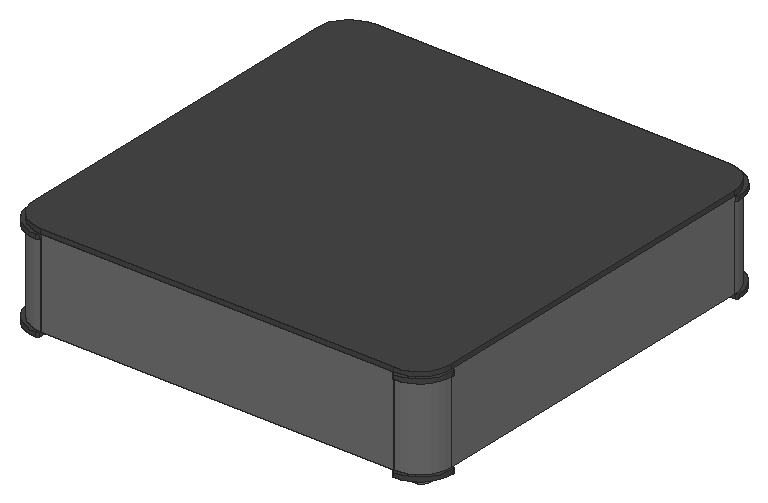
Revit family "QF_ADVENTYS_IE_1000_B-B_250902070415", category Specialty Equipment, Revit 2021
Family settings
  Round Connector Dimension = Use Diameter
  Part Type = Normal
  OmniClass Number = 23.40.40.14
  OmniClass Title = Food Service Equipment
  Work Plane-Based = No
  Always vertical = Yes
  Cut with Voids When Loaded = No
  Shared = No
  Room Calculation Point = No
Parameters (values of type "ADV1853")
  Weight in Pounds [instance] = 0
  Weight = 5.50 kg
  Warranty Start Date [instance] = ""
  Warranty Duration [instance] = ""
  Volts [instance] = 400 V
  URL Recommended Spares List = ""
  URL Manufacturer = ""
  URL Cutsheet = ""
  URL Critical Spares List = ""
  URL = "www.adventys.com"
  Tag Number [instance] = ""
  Status [instance] = ""
  Specification by User [instance] = ""
  Specification by Manufacturer [instance] = ""
  Sound Level [instance] = ""
  Solid Fuel Type [instance] = ""
  Service Life Duration [instance] = ""
  Serial Number [instance] = ""
  Seismic Rating [instance] = ""
  SMACNA No [instance] = ""
  Revision Code [instance] = ""
  Revision [instance] = ""
  Production Year [instance] = ""
  Point Load [instance] = 0
  Phase [instance] = 3
  Other Equipment Approvals [instance] = ""
  Number of Poles [instance] = 3
  NAFEM Spec ID Number [instance] = ""
  Model Warning [instance] = ""
  Model = "IE 1000 B-B"
  Min Ckt Ampacity [instance] = 0 A
  Max Overcurrent Protection [instance] = 10 A
  Masterspec [instance] = ""
  Manufacturer = "ADVENTYS"
  Length Actual = 390 mm
  Item Number [instance] = ""
  Installed By [instance] = ""
  Installation Date [instance] = ""
  Identify Quantity as Lot [instance] = no
  ID [instance] = ""
  Hygiene Approval [instance] = ""
  Hot Water Consumption = 0.0 L/s
  Height Actual = 96 mm
  HP power [instance] = ""
  Furnished By [instance] = ""
  Foodservice Equipment Identifier [instance] = no
  FL Amps [instance] = 1.4 A
  Electrical Remarks [instance] = "Plug not included"
  Electric power [instance] = 0 W
  Electric Connection Type [instance] = "Cord&Plug"
  Elec Conn RI Height [instance] = 0 mm
  Elec Conn Connection Height [instance] = 0 mm
  ETL Approved [instance] = no
  Description = "CUSTOMIZABLE 1 ZONE INDUCTION BUFFET"
  Depth Actual = 390 mm
  Default Elevation = 0 mm
  Cycle [instance] = 50 Hz
  Cost = 0
  Conn Plug [instance] = ""
  Conn Conduit [instance] = no
  CSI MasterFormat [instance] = ""
  CE Approved [instance] = no
  Barcode [instance] = 0
  Author [instance] = ""
  Asset Identifier [instance] = ""
  Apparent Power [instance] = 1000 VA
  Accessory = no
Reference planes
  plane 1 "Center (Front/Back)": y = 0
  plane 2: z = 0
  plane 3 "Center (Left/Right)": x = 0
Forms (mm)
  Extrusion 1, solid, not visible
    sketch origin (119.506, -2, 47.502) x (1, 0, 0) y (0, 1, 0)
      loop
        line (-2, 2) -> (-2, -2) -> (2, -2) -> (2, 2) -> (-2, 2)
    from -2 to 2
Dimensions and locks
  locked: Extrusion 1 to nested 2
  locked: nested 2 to Extrusion 1 at 2
  aligned and locked: level to plane 2
Nested families
  nested 1: "QF_ADVENTYS_ADV1853_2916" at (0, 0, 0), type "ADV1853"
    with Status "", Show Logo yes, Show Clearance yes
  nested 2: "CONN_POINT_ELE_2D___Generic_Annotation" at (119.506, 0, 47.502), type "CONN_POINT_ELE_2D___Generic_Annotation"
    with Onboard connection annotation symbol visibility yes
Connectors
  electrical at (119.506, 0, 47.502), driven by "Apparent Power", driven by "Number of Poles", driven by "Volts"
    settings: on Extrusion 1, index 1, voltage 400 V, apparent load 0 VA, apparent load phase1 1000 VA, apparent load phase2 0 VA, apparent load phase3 0 VA, power factor 1, load classification "Other", number of poles 3, system type 31, power factor state 1, is connector primary yes, connector utility no, sub classification motor no, connector description "Electrical connection for IE 1000 B-B"
Definition of nested family "QF_ADVENTYS_ADV1853_2916"
  Parameters (values of type "ADV1853")
    URL = "www.adventys.com"
    Status [instance] = ""
    Show Logo [instance] = yes
    Show Clearance [instance] = yes
    Model = "IE 1000 B-B"
    Manufacturer = "ADVENTYS"
    Description = "CUSTOMIZABLE 1 ZONE INDUCTION BUFFET"
    Default Elevation = 0 mm
    Author = "SPECIFI"
    Assembly Code = "E1090320"
  Reference planes
    plane 1 "Back": y = 0
    plane 2: z = 0
    plane 3 "Left": x = 0
    plane 4 "Right": x = 390
    plane 5 "Front": y = -390
    plane 6 "Top": z = 96
  Forms (mm)
    Extrusion 1, solid
      sketch origin (-437.879, -390, -60.3) x (1, 0, 0) y (0, 1, 0)
        loop
          line (437.879, 360) -> (437.879, 30) -> (467.879, 30) -> (467.879, 0) -> (797.879, 0) -> (797.879, 30) -> (827.879, 30) -> (827.879, 360) -> (797.879, 360) -> (797.879, 390) -> (577.879, 390) -> (577.879, 380) -> (482.879, 380) -> (482.879, 390) -> (467.879, 390) -> (467.879, 360) -> (437.879, 360)
      from 70.3 to 152.3
    Extrusion 2, solid
      sketch origin (30, -390, -14.006) x (1, 0, 0) y (0, 1, 0)
        loop
          line (0, 30) -> (-30.98, 30)
          arc (-30.98, 30) -> (-32.402, 29.388) -> (-32.935, 27.935) r 1.958
          arc (-32.935, 27.935) -> (-23.852, 6.102) -> (-2, -2.935) r 30.935
          arc (-2, -2.935) -> (-0.586, -2.35) -> (0, -0.935) r 2
          line (0, -0.935) -> (0, 30)
        loop
          line (330, 30) -> (330, -0.935)
          arc (330, -0.935) -> (330.586, -2.35) -> (332, -2.935) r 2
          arc (332, -2.935) -> (353.852, 6.102) -> (362.935, 27.935) r 30.935
          arc (362.935, 27.935) -> (362.402, 29.388) -> (360.98, 30) r 1.958
          line (360.98, 30) -> (330, 30)
        loop
          line (0, 360) -> (0, 390.935)
          arc (0, 390.935) -> (-0.586, 392.35) -> (-2, 392.935) r 2
          arc (-2, 392.935) -> (-23.852, 383.898) -> (-32.935, 362.065) r 30.935
          arc (-32.935, 362.065) -> (-32.402, 360.612) -> (-30.98, 360) r 1.958
          line (-30.98, 360) -> (0, 360)
        loop
          line (330, 360) -> (360.98, 360)
          arc (360.98, 360) -> (362.402, 360.612) -> (362.935, 362.065) r 1.958
          arc (362.935, 362.065) -> (353.852, 383.898) -> (332, 392.935) r 30.935
          arc (332, 392.935) -> (330.586, 392.35) -> (330, 390.935) r 2
          line (330, 390.935) -> (330, 360)
      from 20.006 to 24.006
    Extrusion 3, solid
      sketch origin (-430.601, -391.294, 0.995) x (1, 0, 0) y (0, 1, 0)
        loop
          circle (803.349, 18.158) r 8
        loop
          circle (447.454, 18.158) r 8
        loop
          circle (803.349, 374.212) r 8
        loop
          circle (447.454, 374.212) r 8
      from -0.995 to 5
    Extrusion 4, solid
      sketch origin (30, -390, 71.994) x (1, 0, 0) y (0, 1, 0)
        loop
          line (0, 0) -> (330, 0)
          arc (330, 0) -> (351.213, 8.787) -> (360, 30) r 30
          line (360, 30) -> (360, 360)
          arc (360, 360) -> (351.213, 381.213) -> (330, 390) r 30
          line (330, 390) -> (0, 390)
          arc (0, 390) -> (-21.213, 381.213) -> (-30, 360) r 30
          line (-30, 360) -> (-30, 30)
          arc (-30, 30) -> (-21.213, 8.787) -> (0, 0) r 30
      from 20.006 to 24.006
    Extrusion 5, solid
      sketch origin (30, -390, 67.994) x (1, 0, 0) y (0, 1, 0)
        loop
          arc (330, 390) -> (351.213, 381.213) -> (360, 360) r 30
          line (360, 360) -> (360.98, 360)
          arc (360.98, 360) -> (362.402, 360.612) -> (362.935, 362.065) r 1.958
          arc (362.935, 362.065) -> (353.852, 383.898) -> (332, 392.935) r 30.935
          arc (332, 392.935) -> (330.586, 392.35) -> (330, 390.935) r 2
          line (330, 390.935) -> (330, 390)
        loop
          line (330, 0) -> (330, -0.935)
          arc (330, -0.935) -> (330.586, -2.35) -> (332, -2.935) r 2
          arc (332, -2.935) -> (353.852, 6.102) -> (362.935, 27.935) r 30.935
          arc (362.935, 27.935) -> (362.402, 29.388) -> (360.98, 30) r 1.958
          line (360.98, 30) -> (360, 30)
          arc (360, 30) -> (351.213, 8.787) -> (330, 0) r 30
        loop
          line (0, 390) -> (0, 390.935)
          arc (0, 390.935) -> (-0.586, 392.35) -> (-2, 392.935) r 2
          arc (-2, 392.935) -> (-23.852, 383.898) -> (-32.935, 362.065) r 30.935
          arc (-32.935, 362.065) -> (-32.402, 360.612) -> (-30.98, 360) r 1.958
          line (-30.98, 360) -> (-30, 360)
          arc (-30, 360) -> (-21.213, 381.213) -> (0, 390) r 30
        loop
          arc (0, 0) -> (-21.213, 8.787) -> (-30, 30) r 30
          line (-30, 30) -> (-30.98, 30)
          arc (-30.98, 30) -> (-32.402, 29.388) -> (-32.935, 27.935) r 1.958
          arc (-32.935, 27.935) -> (-23.852, 6.102) -> (-2, -2.935) r 30.935
          arc (-2, -2.935) -> (-0.586, -2.35) -> (0, -0.935) r 2
          line (0, -0.935) -> (0, 0)
      from 20.006 to 24.006
    Extrusion 6, solid
      sketch origin (929.629, 0.2, -60.3) x (1, 0, 0) y (0, 0, 1)
        loop
          line (-603.629, 131.7) -> (-763.629, 131.7)
          arc (-763.629, 131.7) -> (-767.164, 130.236) -> (-768.629, 126.7) r 5
          line (-768.629, 126.7) -> (-768.629, 96.7)
          arc (-768.629, 96.7) -> (-767.164, 93.164) -> (-763.629, 91.7) r 5
          line (-763.629, 91.7) -> (-603.629, 91.7)
          arc (-603.629, 91.7) -> (-600.093, 93.164) -> (-598.629, 96.7) r 5
          line (-598.629, 96.7) -> (-598.629, 126.7)
          arc (-598.629, 126.7) -> (-600.093, 130.236) -> (-603.629, 131.7) r 5
      from -0.2 to 1.8
    Extrusion 7, solid
      sketch origin (1008.007, 0.6, -0.3) x (1, 0, 0) y (0, 0, 1)
        loop
          line (-925.507, 59.78) -> (-958.507, 59.78)
          arc (-958.507, 59.78) -> (-959.214, 59.487) -> (-959.507, 58.78) r 1
          line (-959.507, 58.78) -> (-959.507, 33.78)
          arc (-959.507, 33.78) -> (-959.214, 33.073) -> (-958.507, 32.78) r 1
          line (-958.507, 32.78) -> (-925.507, 32.78)
          arc (-925.507, 32.78) -> (-924.8, 33.073) -> (-924.507, 33.78) r 1
          line (-924.507, 33.78) -> (-924.507, 58.78)
          arc (-924.507, 58.78) -> (-924.8, 59.487) -> (-925.507, 59.78) r 1
        loop
          line (-933.072, 56.28) -> (-950.243, 56.28) -> (-955.657, 50.866) -> (-955.657, 39.28)
          arc (-955.657, 39.28) -> (-954.779, 37.159) -> (-952.657, 36.28) r 3
          line (-952.657, 36.28) -> (-930.657, 36.28)
          arc (-930.657, 36.28) -> (-928.536, 37.159) -> (-927.657, 39.28) r 3
          line (-927.657, 39.28) -> (-927.657, 50.866) -> (-933.072, 56.28)
      from -1.4 to 0.6
    Extrusion 8, solid
      sketch origin (621.129, 0.1, -1.33) x (1, 0, 0) y (0, 0, 1)
        loop
          line (-487.629, 59.78) -> (-515.629, 59.78)
          arc (-515.629, 59.78) -> (-516.336, 59.487) -> (-516.629, 58.78) r 1
          line (-516.629, 58.78) -> (-516.629, 26.78)
          arc (-516.629, 26.78) -> (-516.336, 26.073) -> (-515.629, 25.78) r 1
          line (-515.629, 25.78) -> (-487.629, 25.78)
          arc (-487.629, 25.78) -> (-486.922, 26.073) -> (-486.629, 26.78) r 1
          line (-486.629, 26.78) -> (-486.629, 58.78)
          arc (-486.629, 58.78) -> (-486.922, 59.487) -> (-487.629, 59.78) r 1
        loop
          line (-495.043, 55.85) -> (-508.214, 55.85) -> (-512.629, 51.436) -> (-512.629, 44.35)
          arc (-512.629, 44.35) -> (-511.75, 42.229) -> (-509.629, 41.35) r 3
          line (-509.629, 41.35) -> (-493.629, 41.35)
          arc (-493.629, 41.35) -> (-491.507, 42.229) -> (-490.629, 44.35) r 3
          line (-490.629, 44.35) -> (-490.629, 51.436) -> (-495.043, 55.85)
      from -1.9 to 0.1
    Extrusion 9, solid
      sketch origin (-437.629, 0.6, -0.3) x (-1, 0, 0) y (0, 0, -1)
        loop
          line (-663.129, -58.2) -> (-663.129, -45.2) -> (-704.129, -45.2) -> (-704.129, -58.2) -> (-663.129, -58.2)
      from 0 to 2
    Extrusion 10, solid
      sketch origin (-437.629, -55.341, -0.3) x (-1, 0, 0) y (0, 0, -1)
        loop
          line (-647.129, -55.95) -> (-647.129, -47.45)
          arc (-647.129, -47.45) -> (-647.788, -45.859) -> (-649.379, -45.2) r 2.25
          line (-649.379, -45.2) -> (-657.879, -45.2)
          arc (-657.879, -45.2) -> (-659.47, -45.859) -> (-660.129, -47.45) r 2.25
          line (-660.129, -47.45) -> (-660.129, -55.95)
          arc (-660.129, -55.95) -> (-659.47, -57.541) -> (-657.879, -58.2) r 2.25
          line (-657.879, -58.2) -> (-649.379, -58.2)
          arc (-649.379, -58.2) -> (-647.788, -57.541) -> (-647.129, -55.95) r 2.25
        loop
          line (-653.229, -55.7) -> (-653.229, -52.1) -> (-649.629, -52.1) -> (-649.629, -51.3) -> (-653.229, -51.3) -> (-653.229, -47.7) -> (-654.029, -47.7) -> (-654.029, -51.3) -> (-657.629, -51.3) -> (-657.629, -52.1) -> (-654.029, -52.1) -> (-654.029, -55.7) -> (-653.229, -55.7)
        loop
          line (-707.129, -55.95) -> (-707.129, -47.45)
          arc (-707.129, -47.45) -> (-707.788, -45.859) -> (-709.379, -45.2) r 2.25
          line (-709.379, -45.2) -> (-717.879, -45.2)
          arc (-717.879, -45.2) -> (-719.47, -45.859) -> (-720.129, -47.45) r 2.25
          line (-720.129, -47.45) -> (-720.129, -55.95)
          arc (-720.129, -55.95) -> (-719.47, -57.541) -> (-717.879, -58.2) r 2.25
          line (-717.879, -58.2) -> (-709.379, -58.2)
          arc (-709.379, -58.2) -> (-707.788, -57.541) -> (-707.129, -55.95) r 2.25
        loop
          line (-709.629, -52.1) -> (-709.629, -51.3) -> (-717.629, -51.3) -> (-717.629, -52.1) -> (-709.629, -52.1)
        loop
          circle (-733.525, -51.7) r 6.5
        loop
          line (-733.229, -55.7) -> (-733.229, -47.7) -> (-734.029, -47.7) -> (-734.029, -55.7) -> (-733.229, -55.7)
      from -55.941 to -53.941
    Extrusion 11, solid
      sketch origin (390, 0, -0.3) x (1, 0, 0) y (0, 0, 1)
        loop
          line (-315.064, 56.28) -> (-332.236, 56.28) -> (-337.65, 50.866) -> (-337.65, 39.28)
          arc (-337.65, 39.28) -> (-336.771, 37.159) -> (-334.65, 36.28) r 3
          line (-334.65, 36.28) -> (-312.65, 36.28)
          arc (-312.65, 36.28) -> (-310.529, 37.159) -> (-309.65, 39.28) r 3
          line (-309.65, 39.28) -> (-309.65, 50.866) -> (-315.064, 56.28)
        loop
          arc (-314.288, 56.918) -> (-314.636, 57.185) -> (-315.064, 57.28) r 1.013
          line (-315.064, 57.28) -> (-332.236, 57.28)
          arc (-332.236, 57.28) -> (-332.664, 57.185) -> (-333.012, 56.918) r 1.013
          line (-333.012, 56.918) -> (-338.357, 51.573)
          arc (-338.357, 51.573) -> (-338.593, 51.203) -> (-338.65, 50.768) r 1.013
          line (-338.65, 50.768) -> (-338.65, 39.28)
          arc (-338.65, 39.28) -> (-337.478, 36.452) -> (-334.65, 35.28) r 4
          line (-334.65, 35.28) -> (-312.65, 35.28)
          arc (-312.65, 35.28) -> (-309.822, 36.452) -> (-308.65, 39.28) r 4
          line (-308.65, 39.28) -> (-308.65, 50.866)
          arc (-308.65, 50.866) -> (-308.754, 51.316) -> (-309.044, 51.674) r 1.026
          line (-309.044, 51.674) -> (-314.288, 56.918)
      from 0 to 10
    Extrusion 12, solid
      sketch origin (1007.504, -0.4, -7.495) x (1, 0, 0) y (0, 0, 1)
        loop
          line (-932.568, 63.475) -> (-949.74, 63.475) -> (-955.154, 58.061) -> (-955.154, 46.475)
          arc (-955.154, 46.475) -> (-954.276, 44.354) -> (-952.154, 43.475) r 3
          line (-952.154, 43.475) -> (-930.154, 43.475)
          arc (-930.154, 43.475) -> (-928.033, 44.354) -> (-927.154, 46.475) r 3
          line (-927.154, 46.475) -> (-927.154, 58.061) -> (-932.568, 63.475)
      from 9.19 to 10.6
    Extrusion 13, solid
      sketch origin (440, 0, -0.3) x (1, 0, 0) y (0, 0, 1)
        loop
          line (-309.5, 43.32) -> (-309.5, 50.406) -> (-313.914, 54.82) -> (-327.086, 54.82) -> (-331.5, 50.406) -> (-331.5, 43.32)
          arc (-331.5, 43.32) -> (-330.621, 41.199) -> (-328.5, 40.32) r 3
          line (-328.5, 40.32) -> (-312.5, 40.32)
          arc (-312.5, 40.32) -> (-310.379, 41.199) -> (-309.5, 43.32) r 3
        loop
          line (-327.5, 55.82) -> (-332.5, 50.82) -> (-332.5, 42.32)
          arc (-332.5, 42.32) -> (-331.621, 40.199) -> (-329.5, 39.32) r 3
          line (-329.5, 39.32) -> (-311.5, 39.32)
          arc (-311.5, 39.32) -> (-309.379, 40.199) -> (-308.5, 42.32) r 3
          line (-308.5, 42.32) -> (-308.5, 50.82) -> (-313.5, 55.82) -> (-327.5, 55.82)
      from 0 to 10
    Extrusion 14, solid
      sketch origin (1057.654, -0.4, -7.955) x (1, 0, 0) y (0, 0, 1)
        loop
          line (-931.568, 62.475) -> (-944.74, 62.475) -> (-949.154, 58.061) -> (-949.154, 50.975)
          arc (-949.154, 50.975) -> (-948.276, 48.854) -> (-946.154, 47.975) r 3
          line (-946.154, 47.975) -> (-930.154, 47.975)
          arc (-930.154, 47.975) -> (-928.033, 48.854) -> (-927.154, 50.975) r 3
          line (-927.154, 50.975) -> (-927.154, 58.061) -> (-931.568, 62.475)
      from 9.19 to 10.6
    Extrusion 15, solid
      sketch origin (386.871, 0, -0.3) x (1, 0, 0) y (0, 0, 1)
        loop
          line (-310.164, 49.073) -> (-314.565, 53.473)
          arc (-314.565, 53.473) -> (-314.936, 53.701) -> (-315.363, 53.78) r 1.194
          line (-315.363, 53.78) -> (-326.359, 53.78)
          arc (-326.359, 53.78) -> (-326.794, 53.723) -> (-327.164, 53.487) r 1.013
          line (-327.164, 53.487) -> (-331.539, 49.112)
          arc (-331.539, 49.112) -> (-331.784, 48.774) -> (-331.871, 48.366) r 1.005
          line (-331.871, 48.366) -> (-331.871, 41.28)
          arc (-331.871, 41.28) -> (-331.139, 39.512) -> (-329.371, 38.78) r 2.5
          line (-329.371, 38.78) -> (-312.371, 38.78)
          arc (-312.371, 38.78) -> (-310.604, 39.512) -> (-309.871, 41.28) r 2.5
          line (-309.871, 41.28) -> (-309.871, 48.348)
          arc (-309.871, 48.348) -> (-309.935, 48.744) -> (-310.164, 49.073) r 0.897
        loop
          line (-319.371, 45.78) -> (-319.371, 50.78) -> (-322.371, 50.78) -> (-322.371, 45.78) -> (-319.371, 45.78)
        loop
          line (-312.371, 41.48) -> (-312.371, 46.48) -> (-315.371, 46.48) -> (-315.371, 41.48) -> (-312.371, 41.48)
        loop
          line (-326.371, 41.48) -> (-326.371, 46.48) -> (-329.371, 46.48) -> (-329.371, 41.48) -> (-326.371, 41.48)
      from -2 to 10
    Extrusion 16, solid
      sketch origin (440, 0, -0.3) x (1, 0, 0) y (0, 0, 1)
        loop
          line (-319.5, 50.82) -> (-321.5, 50.82) -> (-321.5, 47.82) -> (-319.5, 47.82) -> (-319.5, 50.82)
        loop
          line (-312.5, 46.32) -> (-314.5, 46.32) -> (-314.5, 43.32) -> (-312.5, 43.32) -> (-312.5, 46.32)
        loop
          line (-326.5, 46.32) -> (-328.5, 46.32) -> (-328.5, 43.32) -> (-326.5, 43.32) -> (-326.5, 46.32)
      from 0.6 to 10
    Blend 17, solid
      base sketch origin (390, 0, -0.3) x (1, 0, 0) y (0, 0, 1)
        loop
          line (-269.5, 50.82) -> (-271.5, 50.82) -> (-271.5, 47.82) -> (-269.5, 47.82) -> (-269.5, 50.82)
      top sketch origin (390, 0, -0.3) x (1, 0, 0) y (0, 0, 1)
        loop
          line (-270, 48.32) -> (-270, 50.32) -> (-271, 50.32) -> (-271, 48.32) -> (-270, 48.32)
      from 0.6 to -1.4
    Blend 18, solid
      base sketch origin (397, 0, -4.8) x (1, 0, 0) y (0, 0, 1)
        loop
          line (-269.5, 50.82) -> (-271.5, 50.82) -> (-271.5, 47.82) -> (-269.5, 47.82) -> (-269.5, 50.82)
      top sketch origin (397, 0, -4.8) x (1, 0, 0) y (0, 0, 1)
        loop
          line (-270, 48.32) -> (-270, 50.32) -> (-271, 50.32) -> (-271, 48.32) -> (-270, 48.32)
      from 0.6 to -1.4
    Blend 19, solid
      base sketch origin (383, 0, -4.8) x (1, 0, 0) y (0, 0, 1)
        loop
          line (-269.5, 50.82) -> (-271.5, 50.82) -> (-271.5, 47.82) -> (-269.5, 47.82) -> (-269.5, 50.82)
      top sketch origin (383, 0, -4.8) x (1, 0, 0) y (0, 0, 1)
        loop
          line (-270, 48.32) -> (-270, 50.32) -> (-271, 50.32) -> (-271, 48.32) -> (-270, 48.32)
      from 0.6 to -1.4
    Extrusion 20, solid
      sketch origin (392.221, 0, -0.3) x (1, 0, 0) y (0, 0, 1)
        loop
          line (-252.221, 92.3) -> (-347.221, 92.3) -> (-347.221, 10.3) -> (-252.221, 10.3) -> (-252.221, 92.3)
        loop
          arc (-263.721, 39.32) -> (-261.6, 40.199) -> (-260.721, 42.32) r 3
          line (-260.721, 42.32) -> (-260.721, 50.82) -> (-265.721, 55.82) -> (-279.721, 55.82) -> (-284.721, 50.82) -> (-284.721, 42.32)
          arc (-284.721, 42.32) -> (-283.843, 40.199) -> (-281.721, 39.32) r 3
          line (-281.721, 39.32) -> (-263.721, 39.32)
        loop
          line (-317.286, 57.28) -> (-334.457, 57.28)
          arc (-334.457, 57.28) -> (-334.885, 57.185) -> (-335.233, 56.918) r 1.013
          line (-335.233, 56.918) -> (-340.578, 51.573)
          arc (-340.578, 51.573) -> (-340.814, 51.203) -> (-340.871, 50.768) r 1.013
          line (-340.871, 50.768) -> (-340.871, 39.28)
          arc (-340.871, 39.28) -> (-339.7, 36.452) -> (-336.871, 35.28) r 4
          line (-336.871, 35.28) -> (-314.871, 35.28)
          arc (-314.871, 35.28) -> (-312.043, 36.452) -> (-310.871, 39.28) r 4
          line (-310.871, 39.28) -> (-310.871, 50.866)
          arc (-310.871, 50.866) -> (-310.975, 51.316) -> (-311.266, 51.674) r 1.026
          line (-311.266, 51.674) -> (-316.509, 56.918)
          arc (-316.509, 56.918) -> (-316.857, 57.185) -> (-317.286, 57.28) r 1.013
      from 0 to 10
    Extrusion 21, solid
      sketch origin (390, 0, 0) x (-1, 0, 0) y (0, -1, 0)
        loop
          line (30, 0) -> (30, 30) -> (0, 30)
          arc (0, 30) -> (8.787, 8.787) -> (30, 0) r 30
      from 10 to 88
    Extrusion 22, solid
      sketch origin (0, 0, 0) x (1, 0, 0) y (0, 1, 0)
        loop
          arc (30, 0) -> (8.787, -8.787) -> (0, -30) r 30
          line (0, -30) -> (30, -30) -> (30, 0)
      from 10 to 88
    Extrusion 23, solid
      sketch origin (390, -390, 0) x (-1, 0, 0) y (0, -1, 0)
        loop
          arc (30, 0) -> (8.787, -8.787) -> (0, -30) r 30
          line (0, -30) -> (30, -30) -> (30, 0)
      from 10 to 88
    Extrusion 24, solid
      sketch origin (0, -390, 0) x (1, 0, 0) y (0, 1, 0)
        loop
          line (30, 0) -> (30, 30) -> (0, 30)
          arc (0, 30) -> (8.787, 8.787) -> (30, 0) r 30
      from 10 to 88
  Cuts and joins
    joined: Extrusion 1, Extrusion 20
  Lines and regions (mm)
    symbolic lines
      curve 1: line (0, -360, 0) -> (0, -30, 0)
      curve 2: line (30, 0, 0) -> (360, 0, 0)
      curve 3: line (390, -30, 0) -> (390, -360, 0)
      curve 4: line (360, -390, 0) -> (30, -390, 0)
      curve 5: arc (0, -360, 0) -> (8.787, -381.213, 0) -> (30, -390, 0) r 30
      curve 6: arc (360, -390, 0) -> (381.213, -381.213, 0) -> (390, -360, 0) r 30
      curve 7: arc (0, -30, 0) -> (8.787, -8.787, 0) -> (30, 0, 0) r 30
      curve 8: arc (360, 0, 0) -> (381.213, -8.787, 0) -> (390, -30, 0) r 30
      curve 9: line (0, -360, 0) -> (-0.98, -360, 0)
      curve 10: arc (-0.98, -360, 0) -> (-2.365, -360.574, 0) -> (-2.938, -361.958, 0) r 1.958
      curve 11: arc (-2.938, -361.958, 0) -> (6.135, -383.862, 0) -> (28.039, -392.935, 0) r 30.977
      curve 12: arc (28.039, -392.935, 0) -> (29.426, -392.361, 0) -> (30, -390.974, 0) r 1.961
      curve 13: line (30, -390.974, 0) -> (30, -390, 0)
      curve 14: line (390, -360, 0) -> (390.98, -360, 0)
      curve 15: arc (390.98, -360, 0) -> (392.365, -360.574, 0) -> (392.938, -361.958, 0) r 1.958
      curve 16: arc (392.938, -361.958, 0) -> (383.865, -383.862, 0) -> (361.961, -392.935, 0) r 30.977
      curve 17: arc (361.961, -392.935, 0) -> (360.574, -392.361, 0) -> (360, -390.974, 0) r 1.961
      curve 18: line (360, -390.974, 0) -> (360, -390, 0)
      curve 19: line (0, -30, 0) -> (-0.98, -30, 0)
      curve 20: arc (-0.98, -30, 0) -> (-2.365, -29.426, 0) -> (-2.938, -28.042, 0) r 1.958
      curve 21: arc (-2.938, -28.042, 0) -> (6.135, -6.138, 0) -> (28.039, 2.935, 0) r 30.977
      curve 22: arc (28.039, 2.935, 0) -> (29.426, 2.361, 0) -> (30, 0.974, 0) r 1.961
      curve 23: line (30, 0.974, 0) -> (30, 0, 0)
      curve 24: line (390, -30, 0) -> (390.98, -30, 0)
      curve 25: arc (390.98, -30, 0) -> (392.365, -29.426, 0) -> (392.938, -28.042, 0) r 1.958
      curve 26: arc (392.938, -28.042, 0) -> (383.865, -6.138, 0) -> (361.961, 2.935, 0) r 30.977
      curve 27: arc (361.961, 2.935, 0) -> (360.574, 2.361, 0) -> (360, 0.974, 0) r 1.961
      curve 28: line (360, 0.974, 0) -> (360, 0, 0)
  Dimensions and locks
    plane 6 "Top" to level = 96 mm
    plane 3 "Left" to plane 4 "Right" = 390 mm
    plane 5 "Front" to plane 1 "Back" = 390 mm
    aligned and locked: level to plane 2
Definition of nested family "CONN_POINT_ELE_2D___Generic_Annotation"
  Parameters (values of type "CONN_POINT_ELE_2D___Generic_Annotation")
    Onboard connection annotation symbol visibility [instance] = yes
  Reference planes
    plane 1: y = 0
    plane 2: x = 0
  Lines and regions (mm)
    detail lines, visible <- "Onboard connection annotation symbol visibility"
      curve 1: circle (0, 0, 0) r 0.5 normal (0, 0, 1)
      curve 2: line (-1, 0, 0) -> (1, 0, 0)
      curve 3: line (0, 1, 0) -> (0, -1, 0)
      curve 4: line (2.5, 1, 0) -> (1.25, 1, 0)
      curve 5: line (1.25, 1, 0) -> (1.25, -1, 0)
      curve 6: line (1.25, -1, 0) -> (2.5, -1, 0)
      curve 7: line (1.25, 0, 0) -> (2, 0, 0)
